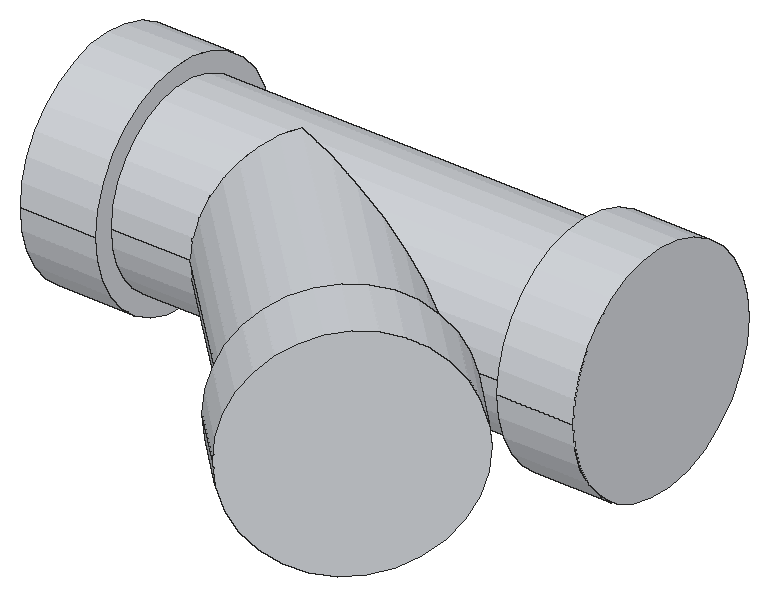
Revit family "M_Y plano - PVC - Sch 40 - DWV", category Conexões de tubo, Revit 2019
Family settings
  Cota do conector redondo = Usar raio
  Tipo de parte = Ipsílon
  Número OmniClass = 23.60.30.11.14
  Título OmniClass = Pipework Fittings
  ID de item do Seek = Wye Plain - PVC - Sch 40 - DWV-0000-CAN-ENU
  Com base no plano de trabalho = Não
  Sempre na vertical = Sim
  Corte com vazios quando carregada = Não
  Compartilhado = Não
Parameters (values of type "Padrão")
  Método de perda = Não definido
  Nome da tabela de pesquisa = "M_Wye Plain - PVC - Sch 40 - DWV"
  Centro para legenda inferior do soquete [instance] = if(Ângulo > 90.00°, Execução do inferior do soquete até o inferior do soquete - Execução do centro até o soquete inferior, if(Centro para ramificação inferior do soquete * tan(Ângulo 1 / 2) > Raio externo do soquete, Execução do inferior do soquete até o inferior do soquete - Execução do centro até o soquete inferior, Raio externo do soquete / tan(Ângulo 1 / 2)))  # 65.088 mm
  Espessura da parede [instance] = size_lookup(Nome da tabela de pesquisa, "WThk", 0.02 * Diâmetro nominal + 3.274 mm, Diâmetro nominal)  # 3.962 mm
  Tamanho da marca de revisão [instance] = Diâmetro externo da conexão * 0.4  # 16.866 mm
  Raio externo do soquete [instance] = Diâmetro externo do soquete / 2  # 25.235 mm
  Diâmetro externo do soquete [instance] = Diâmetro da entrada do soquete + Espessura da parede * 2  # 50.47 mm
  Diâmetro da entrada do soquete [instance] = size_lookup(Nome da tabela de pesquisa, "SED", 1.04 * Diâmetro nominal + 9.426 mm, Diâmetro nominal)  # 42.545 mm
  Profundidade do soquete [instance] = size_lookup(Nome da tabela de pesquisa, "SDpt", 0.48 * Diâmetro nominal + 0.496 mm, Diâmetro nominal)  # 17.45 mm
  Execução do inferior do soquete até o inferior do soquete [instance] = size_lookup(Nome da tabela de pesquisa, "SBtSBR", 1.46 * Diâmetro nominal + 50.8 mm, Diâmetro nominal)  # 92.075 mm
  Raio nominal [instance] = 16 mm
  Diâmetro nominal [instance] = Raio nominal * 2  # 32 mm
  Raio externo da conexão [instance] = Diâmetro externo da conexão / 2  # 21.082 mm
  Diâmetro externo da conexão [instance] = size_lookup(Nome da tabela de pesquisa, "FOD", 1.04 * Diâmetro nominal + 9.128 mm, Diâmetro nominal)  # 42.164 mm
  Legenda da execução do centro até o soquete inferior [instance] = if(Ângulo < 90.00°, Execução do centro até o soquete inferior, if(and(Ângulo > 135.00°, Centro para ramificação inferior do soquete * tan(Ângulo 1 / 2) > Raio externo do soquete), Execução do centro até o soquete inferior, Raio externo do soquete / tan(Ângulo 1 / 2)))  # 26.988 mm
  Execução do centro até o soquete inferior [instance] = size_lookup(Nome da tabela de pesquisa, "CtSBR", 0.2 * Diâmetro nominal + 22.126 mm, Diâmetro nominal)  # 26.988 mm
  Centro para legenda da ramificação inferior do soquete [instance] = if(Centro para ramificação inferior do soquete * tan(Ângulo 1 / 2) > Raio externo do soquete, Centro para ramificação inferior do soquete, Raio externo do soquete / tan(Ângulo 1 / 2))  # 65.088 mm
  Centro para ramificação inferior do soquete [instance] = size_lookup(Nome da tabela de pesquisa, "CtSBB", 1.26 * Diâmetro nominal + 28.674 mm, Diâmetro nominal)  # 65.088 mm
  Ângulo 1 [instance] = if(Ângulo > 90.00°, 180.00° - Ângulo, Ângulo)  # 45.00°
  Ângulo [instance] = 45.00°
Reference planes
  plane 1 "Centro (Frente/Trás)": y = 0
  plane 2: z = 0
  plane 3 "Centro (Esquerda/Direita)": x = 0
  plane 4: x = -44.437
  plane 5: x = -26.987
  plane 6: x = 82.537
  plane 7: x = 65.088
Forms (mm)
  Sweep 1, solid, detail levels fine
    path in 3D
      loop
        line (-26.987, 0, 0) -> (-44.437, 0, 0)
    profile origin (-35.712, 0, 0) x (0, -1, 0) y (0, 0, 1)
      loop
        circle (0, 0) r 25.235
  Sweep 2, solid, detail levels fine
    path in 3D
      loop
        line (-26.987, 0, 0) -> (65.088, 0, 0)
    profile origin (19.05, 0, 0) x (0, 1, 0) y (0, 0, 1)
      loop
        circle (0, 0) r 21.082
  Sweep 3, solid, detail levels fine
    path in 3D
      loop
        line (65.088, 0, 0) -> (82.537, 0, 0)
    profile origin (73.812, 0, 0) x (0, 1, 0) y (0, 0, 1)
      loop
        circle (0, 0) r 25.235
  Sweep 4, solid, detail levels fine
    path in 3D
      loop
        line (0, 0, 0) -> (46.024, -46.024, 0)
    profile origin (23.012, -23.012, 0) x (0.707107, 0.707107, 0) y (0, 0, 1)
      loop
        circle (0, 0) r 21.082
  Sweep 5, solid, detail levels fine
    path in 3D
      loop
        line (46.024, -46.024, 0) -> (58.363, -58.363, 0)
    profile origin (52.193, -52.193, 0) x (0.707107, 0.707107, 0) y (0, 0, 1)
      loop
        circle (0, 0) r 25.235
Cuts and joins
  joined: Sweep 1, Sweep 2, Sweep 3, Sweep 4, Sweep 5
Lines and regions (mm)
  model lines, detail levels coarse+medium
    curve 1: line (-26.987, 0, 0) -> (65.088, 0, 0)
    curve 2: line (-26.987, 0, 0) -> (-44.437, 0, 0)
    curve 3: line (65.088, 0, 0) -> (82.537, 0, 0)
    curve 4: line (0, 0, 0) -> (46.024, -46.024, 0)
    curve 5: line (46.024, -46.024, 0) -> (58.363, -58.363, 0)
    curve 11: line (-44.437, 0, 0) -> (-44.437, 16.866, 0)
    curve 12: line (-44.437, 0, 0) -> (-44.437, -16.866, 0)
    curve 13: line (82.537, 0, 0) -> (82.537, 16.866, 0)
    curve 14: line (82.537, 0, 0) -> (82.537, -16.866, 0)
    curve 15: line (58.363, -58.363, 0) -> (70.288, -46.437, 0)
    curve 16: line (58.363, -58.363, 0) -> (46.437, -70.288, 0)
  sketch lines
    curve 6: line (-26.987, 0, 0) -> (-44.437, 0, 0)
    curve 7: line (-26.987, 0, 0) -> (65.088, 0, 0)
    curve 8: line (65.088, 0, 0) -> (82.537, 0, 0)
    curve 9: line (0, 0, 0) -> (46.024, -46.024, 0)
    curve 10: line (46.024, -46.024, 0) -> (58.363, -58.363, 0)
  reference lines
    curve 17: line (-44.437, 0, 0) -> (-26.987, 0, 0)
    curve 18: line (82.537, 0, 0) -> (65.088, 0, 0)
    curve 19: line (0, 0, 0) -> (46.024, -46.024, 0)
    curve 20: line (46.024, -46.024, 0) -> (58.363, -58.363, 0)
    curve 21: line (58.363, -58.363, 0) -> (46.024, -46.024, 0)
Dimensions and locks
  "Legenda da execução do centro até o soquete inferior": curve 1 to plane 3 "Centro (Esquerda/Direita)"
  "Centro para legenda inferior do soquete": plane 3 "Centro (Esquerda/Direita)" to curve 1
  "Profundidade do soquete": curve 2 to curve 2
  "Profundidade do soquete": curve 3 to curve 3
  "Centro para legenda da ramificação inferior do soquete": curve 4 to curve 4
  "Profundidade do soquete": curve 5 to curve 5
  "Tamanho da marca de revisão": curve 11 to curve 11
  "Tamanho da marca de revisão": curve 12 to curve 12
  "Tamanho da marca de revisão": curve 13 to curve 13
  "Tamanho da marca de revisão": curve 14 to curve 14
  "Tamanho da marca de revisão": curve 15 to curve 15
  "Tamanho da marca de revisão": curve 16 to curve 16
  "Legenda da execução do centro até o soquete inferior": plane 5 to plane 3 "Centro (Esquerda/Direita)"
  "Profundidade do soquete": plane 4 to plane 5
  "Centro para legenda inferior do soquete": plane 3 "Centro (Esquerda/Direita)" to plane 7
  "Profundidade do soquete": plane 7 to plane 6
  "Centro para legenda da ramificação inferior do soquete": curve 19 to curve 20
  "Profundidade do soquete": curve 20 to curve 20
  "Raio externo do soquete": radius of Sweep 1 sketch curve
  "Raio externo da conexão": radius of Sweep 2 sketch curve
  "Raio externo do soquete": radius of Sweep 3 sketch curve
  "Raio externo da conexão": radius of Sweep 4 sketch curve
  "Raio externo do soquete": radius of Sweep 5 sketch curve
  "Ângulo": angle curve 4 to curve 1
  "Ângulo": angle curve 5 to curve 1
  angle curve 1 to curve 11 = 90.00°
  angle curve 12 to curve 1 = 90.00°
  angle curve 13 to curve 1 = 90.00°
  angle curve 1 to curve 14 = 90.00°
  angle curve 15 to curve 4 = 90.00°
  angle curve 4 to curve 16 = 90.00°
  "Ângulo": angle curve 19 to plane 1 "Centro (Frente/Trás)"
  "Ângulo": angle curve 20 to plane 1 "Centro (Frente/Trás)"
  "Ângulo": angle curve 21 to plane 1 "Centro (Frente/Trás)"
  aligned and locked: plane 1 "Centro (Frente/Trás)" to curve 1
  aligned and locked: plane 3 "Centro (Esquerda/Direita)" to curve 4
  aligned and locked: plane 1 "Centro (Frente/Trás)" to curve 4
  aligned and locked: plane 1 "Centro (Frente/Trás)" to Sweep 1 sketch curve
  aligned and locked: plane 2 to Sweep 1 sketch curve
  aligned and locked: plane 1 "Centro (Frente/Trás)" to Sweep 2 sketch curve
  aligned and locked: plane 2 to Sweep 2 sketch curve
  aligned and locked: plane 2 to Sweep 4 sketch curve
  aligned and locked: plane 2 to Sweep 5 sketch curve
  aligned and locked: plane 4 to curve 17
  aligned and locked: plane 1 "Centro (Frente/Trás)" to curve 17
  aligned and locked: plane 6 to curve 18
  aligned and locked: curve 18 to plane 1 "Centro (Frente/Trás)"
  aligned and locked: plane 1 "Centro (Frente/Trás)" to curve 19
  aligned and locked: plane 3 "Centro (Esquerda/Direita)" to curve 19
  aligned: plane 1 "Centro (Frente/Trás)" to cut or joined group of Sweep 1, Sweep 2, Sweep 3, Sweep 4, Sweep 5
Automatic sketch dimensions
  Sweep 3 sketch curve to profile plane = 0 mm  (x2)
  Sweep 4 sketch curve to profile plane = 0 mm
  Sweep 5 sketch curve to profile plane = 0 mm
  curve 17 to plane 5 = 0 mm
  curve 18 to plane 7 = 0 mm
Connectors
  piping at (-44.437, 0, 0), diameter 32, driven by "Raio nominal"
    settings: on cut or joined group of Sweep 1, Sweep 2, Sweep 3, Sweep 4, Sweep 5, index 1, connector inside diameter 32 mm, connector length 0 mm, flow factor 0, pipe flow 0.0 L/s, pressure drop 0.0 Pa, fitting loss kfactor 0, connector angle 0.00°, fixture units 0, engagement length 0 mm, angle of deflection 0.00°, flow configuration 0, flow direction 0, fitting loss method 0, system type 28, joint type 0, gender type 0, connector reference index 2, connector utility 0, adjustable connector no, is connector primary yes, connector description ""
  piping at (82.537, 0, 0), diameter 32, driven by "Raio nominal"
    settings: on cut or joined group of Sweep 1, Sweep 2, Sweep 3, Sweep 4, Sweep 5, index 2, connector inside diameter 32 mm, connector length 0 mm, flow factor 0, pipe flow 0.0 L/s, pressure drop 0.0 Pa, fitting loss kfactor 0, connector angle 0.00°, fixture units 0, engagement length 0 mm, angle of deflection 0.00°, flow configuration 0, flow direction 0, fitting loss method 0, system type 28, joint type 0, gender type 0, connector reference index 1, connector utility 0, adjustable connector no, is connector primary no, connector description ""
  piping at (58.363, -58.363, 0), diameter 32, driven by "Raio nominal", driven by "Ângulo"
    settings: on cut or joined group of Sweep 1, Sweep 2, Sweep 3, Sweep 4, Sweep 5, index 3, connector inside diameter 32 mm, connector length 0 mm, flow factor 0, pipe flow 0.0 L/s, pressure drop 0.0 Pa, fitting loss kfactor 0, connector angle 45.00°, fixture units 0, engagement length 0 mm, angle of deflection 0.00°, flow configuration 0, flow direction 0, fitting loss method 0, system type 28, joint type 0, gender type 0, connector reference index -1, connector utility 0, adjustable connector no, is connector primary no, connector description ""
